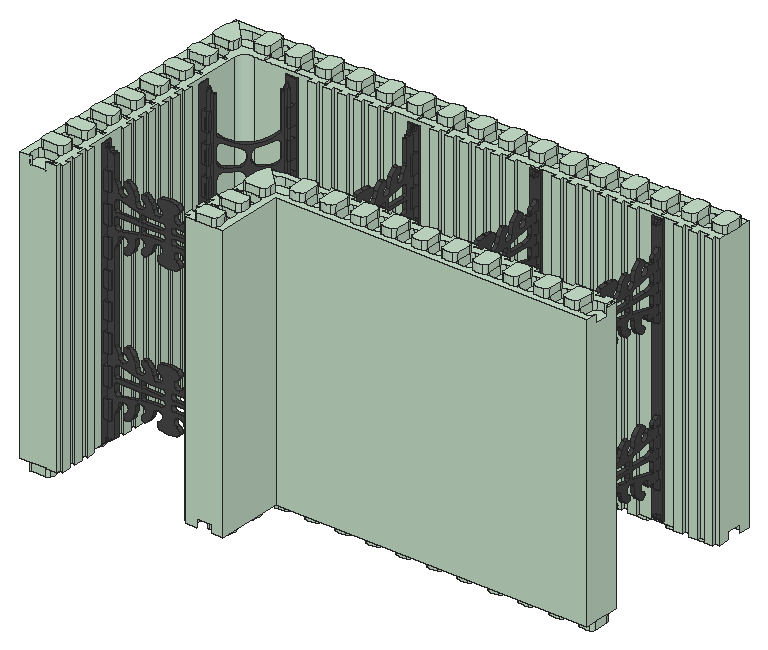
Revit family "ICF- NUDURA 8-inch- 90 Degree Form Unit- Imperial", category Generic Models, Revit 2011
Reference planes (in)
  plane 1 "Center (Front/Back)": y = 0
  plane 2: z = 0
  plane 3 "Center (Left/Right)": x = 0
  plane 4: y = -4
  plane 5: y = 4
  plane 6: x = 4
  plane 7: x = -4
  plane 8: x = 27
  plane 9: y = -11
  plane 10: z = 18
  plane 11: x = 6.625
  plane 12: x = -6.625
  plane 13: y = 6.625
Forms (in)
  Extrusion 1, solid, material "NUDURA Expanded Polystyrene Foam Insulation"
    sketch origin (0, 0, 0) x (1, 0, 0) y (0, 1, 0)
      loop
        line (-6.625, 6.625) -> (-6.625, -11) -> (-4.25, -11) -> (-4.25, -10.71883) -> (-4, -10.78117) -> (-4, -10.21883) -> (-4.25, -10.28117) -> (-4.25, -9.71883) -> (-4, -9.78117) -> (-4, -9.21883) -> (-4.25, -9.28117) -> (-4.25, -8.71883) -> (-4, -8.78117) -> (-4, -8.21883) -> (-4.25, -8.28117) -> (-4.25, -5.71883) -> (-4, -5.78117) -> (-4, -5.21883) -> (-4.25, -5.28117) -> (-4.25, -4.71883) -> (-4, -4.78117) -> (-4, -4.21883) -> (-4.25, -4.28117) -> (-4.25, -3.71883) -> (-4, -3.78117) -> (-4, -3.21883) -> (-4.25, -3.28117) -> (-4.25, -2.71883) -> (-4, -2.78117) -> (-4, -2.21883) -> (-4.25, -2.28117) -> (-4.25, -1.71883) -> (-4, -1.78117) -> (-4, -1.21883) -> (-4.25, -1.28117) -> (-4.25, -0.71883) -> (-4, -0.78117) -> (-4, -0.21883) -> (-4.25, -0.28117) -> (-4.25, 3.51944)
        arc (-4.25, 3.51944) -> (-4.02357, 4.03725) -> (-3.5, 4.25) r 0.75
        line (-3.5, 4.25) -> (0.28117, 4.25) -> (0.21883, 4) -> (0.78117, 4) -> (0.71883, 4.25) -> (1.28117, 4.25) -> (1.21883, 4) -> (1.78117, 4) -> (1.71883, 4.25) -> (2.28117, 4.25) -> (2.21883, 4) -> (2.78117, 4) -> (2.71883, 4.25) -> (3.28117, 4.25) -> (3.21883, 4) -> (3.78117, 4) -> (3.71883, 4.25) -> (4.28117, 4.25) -> (4.21883, 4) -> (4.78117, 4) -> (4.71883, 4.25) -> (5.28117, 4.25) -> (5.21883, 4) -> (5.78117, 4) -> (5.71883, 4.25) -> (8.28117, 4.25) -> (8.21883, 4) -> (8.78117, 4) -> (8.71883, 4.25) -> (9.28117, 4.25) -> (9.21883, 4) -> (9.78117, 4) -> (9.71883, 4.25) -> (10.28117, 4.25) -> (10.21883, 4) -> (10.78117, 4) -> (10.71883, 4.25) -> (11.28117, 4.25) -> (11.21883, 4) -> (11.78117, 4) -> (11.71883, 4.25) -> (12.28117, 4.25) -> (12.21883, 4) -> (12.78117, 4) -> (12.71883, 4.25) -> (13.28117, 4.25) -> (13.21883, 4) -> (13.78117, 4) -> (13.71883, 4.25) -> (16.28117, 4.25) -> (16.21883, 4) -> (16.78117, 4) -> (16.71883, 4.25) -> (17.28117, 4.25) -> (17.21883, 4) -> (17.78117, 4) -> (17.71883, 4.25) -> (18.28117, 4.25) -> (18.21883, 4) -> (18.78117, 4) -> (18.71883, 4.25) -> (19.28117, 4.25) -> (19.21883, 4) -> (19.78117, 4) -> (19.71883, 4.25) -> (20.28117, 4.25) -> (20.21883, 4) -> (20.78117, 4) -> (20.71883, 4.25) -> (21.28117, 4.25) -> (21.21883, 4) -> (21.78117, 4) -> (21.71883, 4.25) -> (24.28117, 4.25) -> (24.21883, 4) -> (24.78117, 4) -> (24.71883, 4.25) -> (25.28117, 4.25) -> (25.21883, 4) -> (25.78117, 4) -> (25.71883, 4.25) -> (26.28117, 4.25) -> (26.21883, 4) -> (26.78117, 4) -> (26.71883, 4.25) -> (27, 4.25) -> (27, 6.625) -> (-6.625, 6.625)
      loop
        line (6.625, -6.625) -> (27, -6.625) -> (27, -4.25) -> (26.71883, -4.25) -> (26.78117, -4) -> (26.21883, -4) -> (26.28117, -4.25) -> (25.71883, -4.25) -> (25.78117, -4) -> (25.21883, -4) -> (25.28117, -4.25) -> (24.71883, -4.25) -> (24.78117, -4) -> (24.21883, -4) -> (24.28117, -4.25) -> (21.71883, -4.25) -> (21.78117, -4) -> (21.21883, -4) -> (21.28117, -4.25) -> (20.71883, -4.25) -> (20.78117, -4) -> (20.21883, -4) -> (20.28117, -4.25) -> (19.71883, -4.25) -> (19.78117, -4) -> (19.21883, -4) -> (19.28117, -4.25) -> (18.71883, -4.25) -> (18.78117, -4) -> (18.21883, -4) -> (18.28117, -4.25) -> (17.71883, -4.25) -> (17.78117, -4) -> (17.21883, -4) -> (17.28117, -4.25) -> (16.71883, -4.25) -> (16.78117, -4) -> (16.21883, -4) -> (16.28117, -4.25) -> (13.71883, -4.25) -> (13.78117, -4) -> (13.21883, -4) -> (13.28117, -4.25) -> (12.71883, -4.25) -> (12.78117, -4) -> (12.21883, -4) -> (12.28117, -4.25) -> (11.71883, -4.25) -> (11.78117, -4) -> (11.21883, -4) -> (11.28117, -4.25) -> (10.71883, -4.25) -> (10.78117, -4) -> (10.21883, -4) -> (10.28117, -4.25) -> (9.71883, -4.25) -> (9.78117, -4) -> (9.21883, -4) -> (9.28117, -4.25) -> (8.71883, -4.25) -> (8.78117, -4) -> (8.21883, -4) -> (8.28117, -4.25) -> (5.5, -4.25)
        arc (5.5, -4.25) -> (4.61612, -4.61612) -> (4.25, -5.5) r 1.25
        line (4.25, -5.5) -> (4.25, -8.28117) -> (4, -8.21883) -> (4, -8.78117) -> (4.25, -8.71883) -> (4.25, -9.28117) -> (4, -9.21883) -> (4, -9.78117) -> (4.25, -9.71883) -> (4.25, -10.28117) -> (4, -10.21883) -> (4, -10.78117) -> (4.25, -10.71883) -> (4.25, -11) -> (6.625, -11) -> (6.625, -6.625)
    from 0 to 18
  Extrusion 2, solid, material "NUDURA Expanded Polystyrene Foam Insulation"
    sketch origin (1, -1, 0) x (1, 0, 0) y (0, 1, 0)
      loop
        arc (3.6875, -5.5) -> (3.70047, -5.66548) -> (3.73905, -5.82692) r 1.0625
        arc (3.73905, -5.82692) -> (3.82983, -5.95215) -> (3.97692, -6) r 0.25
        line (3.97692, -6) -> (4.89808, -6)
        arc (4.89808, -6) -> (5.04517, -5.95215) -> (5.13595, -5.82692) r 0.25
        arc (5.13595, -5.82692) -> (5.17453, -5.66548) -> (5.1875, -5.5) r 1.0625
        line (5.1875, -5.5) -> (5.1875, -5.1875) -> (3.98039, -3.98039)
        arc (3.98039, -3.98039) -> (3.76362, -4.30482) -> (3.6875, -4.6875) r 1
        line (3.6875, -4.6875) -> (3.6875, -5.5)
    from 18 to 18.5
  Extrusion 3, solid, material "NUDURA Expanded Polystyrene Foam Insulation"
    sketch origin (-1, 1, 0) x (1, 0, 0) y (0, 1, 0)
      loop
        arc (-3.97692, 3) -> (-3.82983, 3.04785) -> (-3.73905, 3.17308) r 0.25
        arc (-3.73905, 3.17308) -> (-3.70047, 3.33452) -> (-3.6875, 3.5) r 1.0625
        line (-3.6875, 3.5) -> (-3.6875, 3.6875) -> (-4.89461, 4.89461)
        arc (-4.89461, 4.89461) -> (-5.11138, 4.57018) -> (-5.1875, 4.1875) r 1
        line (-5.1875, 4.1875) -> (-5.1875, 3.5)
        arc (-5.1875, 3.5) -> (-5.17453, 3.33452) -> (-5.13595, 3.17308) r 1.0625
        arc (-5.13595, 3.17308) -> (-5.04517, 3.04785) -> (-4.89808, 3) r 0.25
        line (-4.89808, 3) -> (-3.97692, 3)
    from 18 to 18.5
  Extrusion 4, void
    sketch origin (-1, 1, 0) x (1, 0, 0) y (0, 1, 0)
      loop
        arc (-5.13595, -9.82692) -> (-5.04517, -9.95215) -> (-4.89808, -10) r 0.25
        line (-4.89808, -10) -> (-3.97692, -10)
        arc (-3.97692, -10) -> (-3.88568, -9.98276) -> (-3.80702, -9.9334) r 0.25
        arc (-3.80702, -9.9334) -> (-3.78736, -9.92106) -> (-3.76455, -9.91675) r 0.0625
        line (-3.76455, -9.91675) -> (-3.41845, -9.91675) -> (-3.41845, -9.74592) -> (-3.64005, -9.74592)
        arc (-3.64005, -9.74592) -> (-3.68771, -9.72385) -> (-3.70172, -9.67323) r 0.0625
        arc (-3.70172, -9.67323) -> (-3.69045, -9.42092) -> (-3.73905, -9.17308) r 1.0625
        arc (-3.73905, -9.17308) -> (-3.82983, -9.04785) -> (-3.97692, -9) r 0.25
        line (-3.97692, -9) -> (-4.89808, -9)
        arc (-4.89808, -9) -> (-5.04517, -9.04785) -> (-5.13595, -9.17308) r 0.25
        arc (-5.13595, -9.17308) -> (-5.1875, -9.5) -> (-5.13595, -9.82692) r 1.0625
    from 18 to 17.5
  Extrusion 5, void
    sketch origin (-1, 3, 0) x (1, 0, 0) y (0, 1, 0)
      loop
        arc (-5.13595, -9.82692) -> (-5.04517, -9.95215) -> (-4.89808, -10) r 0.25
        line (-4.89808, -10) -> (-3.97692, -10)
        arc (-3.97692, -10) -> (-3.88568, -9.98276) -> (-3.80702, -9.9334) r 0.25
        arc (-3.80702, -9.9334) -> (-3.78736, -9.92106) -> (-3.76455, -9.91675) r 0.0625
        line (-3.76455, -9.91675) -> (-3.41845, -9.91675) -> (-3.41845, -9.74592) -> (-3.64005, -9.74592)
        arc (-3.64005, -9.74592) -> (-3.68771, -9.72385) -> (-3.70172, -9.67323) r 0.0625
        arc (-3.70172, -9.67323) -> (-3.69045, -9.42092) -> (-3.73905, -9.17308) r 1.0625
        arc (-3.73905, -9.17308) -> (-3.82983, -9.04785) -> (-3.97692, -9) r 0.25
        line (-3.97692, -9) -> (-4.89808, -9)
        arc (-4.89808, -9) -> (-5.04517, -9.04785) -> (-5.13595, -9.17308) r 0.25
        arc (-5.13595, -9.17308) -> (-5.1875, -9.5) -> (-5.13595, -9.82692) r 1.0625
    from 18 to 17.5
  Extrusion 6, void
    sketch origin (-1, 5, 0) x (1, 0, 0) y (0, 1, 0)
      loop
        arc (-5.13595, -9.82692) -> (-5.04517, -9.95215) -> (-4.89808, -10) r 0.25
        line (-4.89808, -10) -> (-3.97692, -10)
        arc (-3.97692, -10) -> (-3.88568, -9.98276) -> (-3.80702, -9.9334) r 0.25
        arc (-3.80702, -9.9334) -> (-3.78736, -9.92106) -> (-3.76455, -9.91675) r 0.0625
        line (-3.76455, -9.91675) -> (-3.41845, -9.91675) -> (-3.41845, -9.74592) -> (-3.64005, -9.74592)
        arc (-3.64005, -9.74592) -> (-3.68771, -9.72385) -> (-3.70172, -9.67323) r 0.0625
        arc (-3.70172, -9.67323) -> (-3.69045, -9.42092) -> (-3.73905, -9.17308) r 1.0625
        arc (-3.73905, -9.17308) -> (-3.82983, -9.04785) -> (-3.97692, -9) r 0.25
        line (-3.97692, -9) -> (-4.89808, -9)
        arc (-4.89808, -9) -> (-5.04517, -9.04785) -> (-5.13595, -9.17308) r 0.25
        arc (-5.13595, -9.17308) -> (-5.1875, -9.5) -> (-5.13595, -9.82692) r 1.0625
    from 18 to 17.5
  Extrusion 7, void
    sketch origin (-1, 7, 0) x (1, 0, 0) y (0, 1, 0)
      loop
        arc (-5.13595, -9.82692) -> (-5.04517, -9.95215) -> (-4.89808, -10) r 0.25
        line (-4.89808, -10) -> (-3.97692, -10)
        arc (-3.97692, -10) -> (-3.88568, -9.98276) -> (-3.80702, -9.9334) r 0.25
        arc (-3.80702, -9.9334) -> (-3.78736, -9.92106) -> (-3.76455, -9.91675) r 0.0625
        line (-3.76455, -9.91675) -> (-3.41845, -9.91675) -> (-3.41845, -9.74592) -> (-3.64005, -9.74592)
        arc (-3.64005, -9.74592) -> (-3.68771, -9.72385) -> (-3.70172, -9.67323) r 0.0625
        arc (-3.70172, -9.67323) -> (-3.69045, -9.42092) -> (-3.73905, -9.17308) r 1.0625
        arc (-3.73905, -9.17308) -> (-3.82983, -9.04785) -> (-3.97692, -9) r 0.25
        line (-3.97692, -9) -> (-4.89808, -9)
        arc (-4.89808, -9) -> (-5.04517, -9.04785) -> (-5.13595, -9.17308) r 0.25
        arc (-5.13595, -9.17308) -> (-5.1875, -9.5) -> (-5.13595, -9.82692) r 1.0625
    from 18 to 17.5
  Extrusion 8, void
    sketch origin (-1, 9, 0) x (1, 0, 0) y (0, 1, 0)
      loop
        arc (-5.13595, -9.82692) -> (-5.04517, -9.95215) -> (-4.89808, -10) r 0.25
        line (-4.89808, -10) -> (-3.97692, -10)
        arc (-3.97692, -10) -> (-3.88568, -9.98276) -> (-3.80702, -9.9334) r 0.25
        arc (-3.80702, -9.9334) -> (-3.78736, -9.92106) -> (-3.76455, -9.91675) r 0.0625
        line (-3.76455, -9.91675) -> (-3.41845, -9.91675) -> (-3.41845, -9.74592) -> (-3.64005, -9.74592)
        arc (-3.64005, -9.74592) -> (-3.68771, -9.72385) -> (-3.70172, -9.67323) r 0.0625
        arc (-3.70172, -9.67323) -> (-3.69045, -9.42092) -> (-3.73905, -9.17308) r 1.0625
        arc (-3.73905, -9.17308) -> (-3.82983, -9.04785) -> (-3.97692, -9) r 0.25
        line (-3.97692, -9) -> (-4.89808, -9)
        arc (-4.89808, -9) -> (-5.04517, -9.04785) -> (-5.13595, -9.17308) r 0.25
        arc (-5.13595, -9.17308) -> (-5.1875, -9.5) -> (-5.13595, -9.82692) r 1.0625
    from 18 to 17.5
  Extrusion 9, void
    sketch origin (-1, 11, 0) x (1, 0, 0) y (0, 1, 0)
      loop
        arc (-5.13595, -9.82692) -> (-5.04517, -9.95215) -> (-4.89808, -10) r 0.25
        line (-4.89808, -10) -> (-3.97692, -10)
        arc (-3.97692, -10) -> (-3.88568, -9.98276) -> (-3.80702, -9.9334) r 0.25
        arc (-3.80702, -9.9334) -> (-3.78736, -9.92106) -> (-3.76455, -9.91675) r 0.0625
        line (-3.76455, -9.91675) -> (-3.41845, -9.91675) -> (-3.41845, -9.74592) -> (-3.64005, -9.74592)
        arc (-3.64005, -9.74592) -> (-3.68771, -9.72385) -> (-3.70172, -9.67323) r 0.0625
        arc (-3.70172, -9.67323) -> (-3.69045, -9.42092) -> (-3.73905, -9.17308) r 1.0625
        arc (-3.73905, -9.17308) -> (-3.82983, -9.04785) -> (-3.97692, -9) r 0.25
        line (-3.97692, -9) -> (-4.89808, -9)
        arc (-4.89808, -9) -> (-5.04517, -9.04785) -> (-5.13595, -9.17308) r 0.25
        arc (-5.13595, -9.17308) -> (-5.1875, -9.5) -> (-5.13595, -9.82692) r 1.0625
    from 18 to 17.5
  Extrusion 10, void
    sketch origin (-1, 13, 0) x (1, 0, 0) y (0, 1, 0)
      loop
        arc (-5.13595, -9.82692) -> (-5.04517, -9.95215) -> (-4.89808, -10) r 0.25
        line (-4.89808, -10) -> (-3.97692, -10)
        arc (-3.97692, -10) -> (-3.88568, -9.98276) -> (-3.80702, -9.9334) r 0.25
        arc (-3.80702, -9.9334) -> (-3.78736, -9.92106) -> (-3.76455, -9.91675) r 0.0625
        line (-3.76455, -9.91675) -> (-3.41845, -9.91675) -> (-3.41845, -9.74592) -> (-3.64005, -9.74592)
        arc (-3.64005, -9.74592) -> (-3.68771, -9.72385) -> (-3.70172, -9.67323) r 0.0625
        arc (-3.70172, -9.67323) -> (-3.69045, -9.42092) -> (-3.73905, -9.17308) r 1.0625
        arc (-3.73905, -9.17308) -> (-3.82983, -9.04785) -> (-3.97692, -9) r 0.25
        line (-3.97692, -9) -> (-4.89808, -9)
        arc (-4.89808, -9) -> (-5.04517, -9.04785) -> (-5.13595, -9.17308) r 0.25
        arc (-5.13595, -9.17308) -> (-5.1875, -9.5) -> (-5.13595, -9.82692) r 1.0625
    from 18 to 17.5
  Extrusion 11, void
    sketch origin (1, -1, 0) x (1, 0, 0) y (0, 1, 0)
      loop
        line (3.97692, -9) -> (4.89808, -9)
        arc (4.89808, -9) -> (5.04517, -8.95215) -> (5.13595, -8.82692) r 0.25
        arc (5.13595, -8.82692) -> (5.1875, -8.5) -> (5.13595, -8.17308) r 1.0625
        arc (5.13595, -8.17308) -> (5.04517, -8.04785) -> (4.89808, -8) r 0.25
        line (4.89808, -8) -> (3.97692, -8)
        arc (3.97692, -8) -> (3.88568, -8.01724) -> (3.80702, -8.0666) r 0.25
        arc (3.80702, -8.0666) -> (3.78736, -8.07894) -> (3.76455, -8.08325) r 0.0625
        line (3.76455, -8.08325) -> (3.41845, -8.08325) -> (3.41845, -8.25408) -> (3.64005, -8.25408)
        arc (3.64005, -8.25408) -> (3.68771, -8.27615) -> (3.70172, -8.32677) r 0.0625
        arc (3.70172, -8.32677) -> (3.69045, -8.57908) -> (3.73905, -8.82692) r 1.0625
        arc (3.73905, -8.82692) -> (3.82983, -8.95215) -> (3.97692, -9) r 0.25
    from 18 to 17.5
  Extrusion 12, void
    sketch origin (1, 1, 0) x (1, 0, 0) y (0, 1, 0)
      loop
        line (3.97692, -9) -> (4.89808, -9)
        arc (4.89808, -9) -> (5.04517, -8.95215) -> (5.13595, -8.82692) r 0.25
        arc (5.13595, -8.82692) -> (5.1875, -8.5) -> (5.13595, -8.17308) r 1.0625
        arc (5.13595, -8.17308) -> (5.04517, -8.04785) -> (4.89808, -8) r 0.25
        line (4.89808, -8) -> (3.97692, -8)
        arc (3.97692, -8) -> (3.88568, -8.01724) -> (3.80702, -8.0666) r 0.25
        arc (3.80702, -8.0666) -> (3.78736, -8.07894) -> (3.76455, -8.08325) r 0.0625
        line (3.76455, -8.08325) -> (3.41845, -8.08325) -> (3.41845, -8.25408) -> (3.64005, -8.25408)
        arc (3.64005, -8.25408) -> (3.68771, -8.27615) -> (3.70172, -8.32677) r 0.0625
        arc (3.70172, -8.32677) -> (3.69045, -8.57908) -> (3.73905, -8.82692) r 1.0625
        arc (3.73905, -8.82692) -> (3.82983, -8.95215) -> (3.97692, -9) r 0.25
    from 18 to 17.5
  Extrusion 13, void
    sketch origin (-1, 1, 0) x (1, 0, 0) y (0, 1, 0)
      loop
        arc (-4.1875, 5.1875) -> (-4.57018, 5.11138) -> (-4.89461, 4.89461) r 1
        line (-4.89461, 4.89461) -> (-3.6875, 3.6875) -> (-3.5, 3.6875)
        arc (-3.5, 3.6875) -> (-3.33452, 3.70047) -> (-3.17308, 3.73905) r 1.0625
        arc (-3.17308, 3.73905) -> (-3.04785, 3.82983) -> (-3, 3.97692) r 0.25
        line (-3, 3.97692) -> (-3, 4.89808)
        arc (-3, 4.89808) -> (-3.04785, 5.04517) -> (-3.17308, 5.13595) r 0.25
        arc (-3.17308, 5.13595) -> (-3.33452, 5.17453) -> (-3.5, 5.1875) r 1.0625
        line (-3.5, 5.1875) -> (-4.1875, 5.1875)
    from 18 to 17.5
  Extrusion 14, void
    sketch origin (1, -1, 0) x (1, 0, 0) y (0, 1, 0)
      loop
        arc (4.6875, -3.6875) -> (4.30482, -3.76362) -> (3.98039, -3.98039) r 1
        line (3.98039, -3.98039) -> (5.1875, -5.1875) -> (5.5, -5.1875)
        arc (5.5, -5.1875) -> (5.66548, -5.17453) -> (5.82692, -5.13595) r 1.0625
        arc (5.82692, -5.13595) -> (5.95215, -5.04517) -> (6, -4.89808) r 0.25
        line (6, -4.89808) -> (6, -3.97692)
        arc (6, -3.97692) -> (5.98276, -3.88568) -> (5.9334, -3.80702) r 0.25
        arc (5.9334, -3.80702) -> (5.92106, -3.78736) -> (5.91675, -3.76455) r 0.0625
        line (5.91675, -3.76455) -> (5.91675, -3.41845) -> (5.74592, -3.41845) -> (5.74592, -3.64005)
        arc (5.74592, -3.64005) -> (5.72385, -3.68771) -> (5.67323, -3.70172) r 0.0625
        arc (5.67323, -3.70172) -> (5.58691, -3.69106) -> (5.5, -3.6875) r 1.0625
        line (5.5, -3.6875) -> (4.6875, -3.6875)
    from 18 to 17.5
  Extrusion 15, void
    sketch origin (1, -1, 0) x (1, 0, 0) y (0, 1, 0)
      loop
        line (7, -3.97692) -> (7, -4.89808)
        arc (7, -4.89808) -> (7.04785, -5.04517) -> (7.17308, -5.13595) r 0.25
        arc (7.17308, -5.13595) -> (7.5, -5.1875) -> (7.82692, -5.13595) r 1.0625
        arc (7.82692, -5.13595) -> (7.95215, -5.04517) -> (8, -4.89808) r 0.25
        line (8, -4.89808) -> (8, -3.97692)
        arc (8, -3.97692) -> (7.98276, -3.88568) -> (7.9334, -3.80702) r 0.25
        arc (7.9334, -3.80702) -> (7.92106, -3.78736) -> (7.91675, -3.76455) r 0.0625
        line (7.91675, -3.76455) -> (7.91675, -3.41845) -> (7.74592, -3.41845) -> (7.74592, -3.64005)
        arc (7.74592, -3.64005) -> (7.72385, -3.68771) -> (7.67323, -3.70172) r 0.0625
        arc (7.67323, -3.70172) -> (7.42092, -3.69045) -> (7.17308, -3.73905) r 1.0625
        arc (7.17308, -3.73905) -> (7.04785, -3.82983) -> (7, -3.97692) r 0.25
    from 18 to 17.5
  Extrusion 16, void
    sketch origin (3, -1, 0) x (1, 0, 0) y (0, 1, 0)
      loop
        line (7, -3.97692) -> (7, -4.89808)
        arc (7, -4.89808) -> (7.04785, -5.04517) -> (7.17308, -5.13595) r 0.25
        arc (7.17308, -5.13595) -> (7.5, -5.1875) -> (7.82692, -5.13595) r 1.0625
        arc (7.82692, -5.13595) -> (7.95215, -5.04517) -> (8, -4.89808) r 0.25
        line (8, -4.89808) -> (8, -3.97692)
        arc (8, -3.97692) -> (7.98276, -3.88568) -> (7.9334, -3.80702) r 0.25
        arc (7.9334, -3.80702) -> (7.92106, -3.78736) -> (7.91675, -3.76455) r 0.0625
        line (7.91675, -3.76455) -> (7.91675, -3.41845) -> (7.74592, -3.41845) -> (7.74592, -3.64005)
        arc (7.74592, -3.64005) -> (7.72385, -3.68771) -> (7.67323, -3.70172) r 0.0625
        arc (7.67323, -3.70172) -> (7.42092, -3.69045) -> (7.17308, -3.73905) r 1.0625
        arc (7.17308, -3.73905) -> (7.04785, -3.82983) -> (7, -3.97692) r 0.25
    from 18 to 17.5
  Extrusion 17, void
    sketch origin (5, -1, 0) x (1, 0, 0) y (0, 1, 0)
      loop
        line (7, -3.97692) -> (7, -4.89808)
        arc (7, -4.89808) -> (7.04785, -5.04517) -> (7.17308, -5.13595) r 0.25
        arc (7.17308, -5.13595) -> (7.5, -5.1875) -> (7.82692, -5.13595) r 1.0625
        arc (7.82692, -5.13595) -> (7.95215, -5.04517) -> (8, -4.89808) r 0.25
        line (8, -4.89808) -> (8, -3.97692)
        arc (8, -3.97692) -> (7.98276, -3.88568) -> (7.9334, -3.80702) r 0.25
        arc (7.9334, -3.80702) -> (7.92106, -3.78736) -> (7.91675, -3.76455) r 0.0625
        line (7.91675, -3.76455) -> (7.91675, -3.41845) -> (7.74592, -3.41845) -> (7.74592, -3.64005)
        arc (7.74592, -3.64005) -> (7.72385, -3.68771) -> (7.67323, -3.70172) r 0.0625
        arc (7.67323, -3.70172) -> (7.42092, -3.69045) -> (7.17308, -3.73905) r 1.0625
        arc (7.17308, -3.73905) -> (7.04785, -3.82983) -> (7, -3.97692) r 0.25
    from 18 to 17.5
  Extrusion 18, void
    sketch origin (7, -1, 0) x (1, 0, 0) y (0, 1, 0)
      loop
        line (7, -3.97692) -> (7, -4.89808)
        arc (7, -4.89808) -> (7.04785, -5.04517) -> (7.17308, -5.13595) r 0.25
        arc (7.17308, -5.13595) -> (7.5, -5.1875) -> (7.82692, -5.13595) r 1.0625
        arc (7.82692, -5.13595) -> (7.95215, -5.04517) -> (8, -4.89808) r 0.25
        line (8, -4.89808) -> (8, -3.97692)
        arc (8, -3.97692) -> (7.98276, -3.88568) -> (7.9334, -3.80702) r 0.25
        arc (7.9334, -3.80702) -> (7.92106, -3.78736) -> (7.91675, -3.76455) r 0.0625
        line (7.91675, -3.76455) -> (7.91675, -3.41845) -> (7.74592, -3.41845) -> (7.74592, -3.64005)
        arc (7.74592, -3.64005) -> (7.72385, -3.68771) -> (7.67323, -3.70172) r 0.0625
        arc (7.67323, -3.70172) -> (7.42092, -3.69045) -> (7.17308, -3.73905) r 1.0625
        arc (7.17308, -3.73905) -> (7.04785, -3.82983) -> (7, -3.97692) r 0.25
    from 18 to 17.5
  Extrusion 19, void
    sketch origin (9, -1, 0) x (1, 0, 0) y (0, 1, 0)
      loop
        line (7, -3.97692) -> (7, -4.89808)
        arc (7, -4.89808) -> (7.04785, -5.04517) -> (7.17308, -5.13595) r 0.25
        arc (7.17308, -5.13595) -> (7.5, -5.1875) -> (7.82692, -5.13595) r 1.0625
        arc (7.82692, -5.13595) -> (7.95215, -5.04517) -> (8, -4.89808) r 0.25
        line (8, -4.89808) -> (8, -3.97692)
        arc (8, -3.97692) -> (7.98276, -3.88568) -> (7.9334, -3.80702) r 0.25
        arc (7.9334, -3.80702) -> (7.92106, -3.78736) -> (7.91675, -3.76455) r 0.0625
        line (7.91675, -3.76455) -> (7.91675, -3.41845) -> (7.74592, -3.41845) -> (7.74592, -3.64005)
        arc (7.74592, -3.64005) -> (7.72385, -3.68771) -> (7.67323, -3.70172) r 0.0625
        arc (7.67323, -3.70172) -> (7.42092, -3.69045) -> (7.17308, -3.73905) r 1.0625
        arc (7.17308, -3.73905) -> (7.04785, -3.82983) -> (7, -3.97692) r 0.25
    from 18 to 17.5
  Extrusion 20, void
    sketch origin (11, -1, 0) x (1, 0, 0) y (0, 1, 0)
      loop
        line (7, -3.97692) -> (7, -4.89808)
        arc (7, -4.89808) -> (7.04785, -5.04517) -> (7.17308, -5.13595) r 0.25
        arc (7.17308, -5.13595) -> (7.5, -5.1875) -> (7.82692, -5.13595) r 1.0625
        arc (7.82692, -5.13595) -> (7.95215, -5.04517) -> (8, -4.89808) r 0.25
        line (8, -4.89808) -> (8, -3.97692)
        arc (8, -3.97692) -> (7.98276, -3.88568) -> (7.9334, -3.80702) r 0.25
        arc (7.9334, -3.80702) -> (7.92106, -3.78736) -> (7.91675, -3.76455) r 0.0625
        line (7.91675, -3.76455) -> (7.91675, -3.41845) -> (7.74592, -3.41845) -> (7.74592, -3.64005)
        arc (7.74592, -3.64005) -> (7.72385, -3.68771) -> (7.67323, -3.70172) r 0.0625
        arc (7.67323, -3.70172) -> (7.42092, -3.69045) -> (7.17308, -3.73905) r 1.0625
        arc (7.17308, -3.73905) -> (7.04785, -3.82983) -> (7, -3.97692) r 0.25
    from 18 to 17.5
  Extrusion 21, void
    sketch origin (13, -1, 0) x (1, 0, 0) y (0, 1, 0)
      loop
        line (7, -3.97692) -> (7, -4.89808)
        arc (7, -4.89808) -> (7.04785, -5.04517) -> (7.17308, -5.13595) r 0.25
        arc (7.17308, -5.13595) -> (7.5, -5.1875) -> (7.82692, -5.13595) r 1.0625
        arc (7.82692, -5.13595) -> (7.95215, -5.04517) -> (8, -4.89808) r 0.25
        line (8, -4.89808) -> (8, -3.97692)
        arc (8, -3.97692) -> (7.98276, -3.88568) -> (7.9334, -3.80702) r 0.25
        arc (7.9334, -3.80702) -> (7.92106, -3.78736) -> (7.91675, -3.76455) r 0.0625
        line (7.91675, -3.76455) -> (7.91675, -3.41845) -> (7.74592, -3.41845) -> (7.74592, -3.64005)
        arc (7.74592, -3.64005) -> (7.72385, -3.68771) -> (7.67323, -3.70172) r 0.0625
        arc (7.67323, -3.70172) -> (7.42092, -3.69045) -> (7.17308, -3.73905) r 1.0625
        arc (7.17308, -3.73905) -> (7.04785, -3.82983) -> (7, -3.97692) r 0.25
    from 18 to 17.5
  Extrusion 22, void
    sketch origin (15, -1, 0) x (1, 0, 0) y (0, 1, 0)
      loop
        line (7, -3.97692) -> (7, -4.89808)
        arc (7, -4.89808) -> (7.04785, -5.04517) -> (7.17308, -5.13595) r 0.25
        arc (7.17308, -5.13595) -> (7.5, -5.1875) -> (7.82692, -5.13595) r 1.0625
        arc (7.82692, -5.13595) -> (7.95215, -5.04517) -> (8, -4.89808) r 0.25
        line (8, -4.89808) -> (8, -3.97692)
        arc (8, -3.97692) -> (7.98276, -3.88568) -> (7.9334, -3.80702) r 0.25
        arc (7.9334, -3.80702) -> (7.92106, -3.78736) -> (7.91675, -3.76455) r 0.0625
        line (7.91675, -3.76455) -> (7.91675, -3.41845) -> (7.74592, -3.41845) -> (7.74592, -3.64005)
        arc (7.74592, -3.64005) -> (7.72385, -3.68771) -> (7.67323, -3.70172) r 0.0625
        arc (7.67323, -3.70172) -> (7.42092, -3.69045) -> (7.17308, -3.73905) r 1.0625
        arc (7.17308, -3.73905) -> (7.04785, -3.82983) -> (7, -3.97692) r 0.25
    from 18 to 17.5
  Extrusion 23, void
    sketch origin (17, -1, 0) x (1, 0, 0) y (0, 1, 0)
      loop
        line (7, -3.97692) -> (7, -4.89808)
        arc (7, -4.89808) -> (7.04785, -5.04517) -> (7.17308, -5.13595) r 0.25
        arc (7.17308, -5.13595) -> (7.5, -5.1875) -> (7.82692, -5.13595) r 1.0625
        arc (7.82692, -5.13595) -> (7.95215, -5.04517) -> (8, -4.89808) r 0.25
        line (8, -4.89808) -> (8, -3.97692)
        arc (8, -3.97692) -> (7.98276, -3.88568) -> (7.9334, -3.80702) r 0.25
        arc (7.9334, -3.80702) -> (7.92106, -3.78736) -> (7.91675, -3.76455) r 0.0625
        line (7.91675, -3.76455) -> (7.91675, -3.41845) -> (7.74592, -3.41845) -> (7.74592, -3.64005)
        arc (7.74592, -3.64005) -> (7.72385, -3.68771) -> (7.67323, -3.70172) r 0.0625
        arc (7.67323, -3.70172) -> (7.42092, -3.69045) -> (7.17308, -3.73905) r 1.0625
        arc (7.17308, -3.73905) -> (7.04785, -3.82983) -> (7, -3.97692) r 0.25
    from 18 to 17.5
  Extrusion 24, void
    sketch origin (19, -1, 0) x (1, 0, 0) y (0, 1, 0)
      loop
        line (7, -3.97692) -> (7, -4.89808)
        arc (7, -4.89808) -> (7.04785, -5.04517) -> (7.17308, -5.13595) r 0.25
        arc (7.17308, -5.13595) -> (7.5, -5.1875) -> (7.82692, -5.13595) r 1.0625
        arc (7.82692, -5.13595) -> (7.95215, -5.04517) -> (8, -4.89808) r 0.25
        line (8, -4.89808) -> (8, -3.97692)
        arc (8, -3.97692) -> (7.98276, -3.88568) -> (7.9334, -3.80702) r 0.25
        arc (7.9334, -3.80702) -> (7.92106, -3.78736) -> (7.91675, -3.76455) r 0.0625
        line (7.91675, -3.76455) -> (7.91675, -3.41845) -> (7.74592, -3.41845) -> (7.74592, -3.64005)
        arc (7.74592, -3.64005) -> (7.72385, -3.68771) -> (7.67323, -3.70172) r 0.0625
        arc (7.67323, -3.70172) -> (7.42092, -3.69045) -> (7.17308, -3.73905) r 1.0625
        arc (7.17308, -3.73905) -> (7.04785, -3.82983) -> (7, -3.97692) r 0.25
    from 18 to 17.5
  Extrusion 25, void
    sketch origin (-1, 1, 0) x (1, 0, 0) y (0, 1, 0)
      loop
        arc (-1.82692, 5.13595) -> (-1.95215, 5.04517) -> (-2, 4.89808) r 0.25
        line (-2, 4.89808) -> (-2, 3.97692)
        arc (-2, 3.97692) -> (-1.98276, 3.88568) -> (-1.9334, 3.80702) r 0.25
        arc (-1.9334, 3.80702) -> (-1.92106, 3.78736) -> (-1.91675, 3.76455) r 0.0625
        line (-1.91675, 3.76455) -> (-1.91675, 3.41845) -> (-1.74592, 3.41845) -> (-1.74592, 3.64005)
        arc (-1.74592, 3.64005) -> (-1.72385, 3.68771) -> (-1.67323, 3.70172) r 0.0625
        arc (-1.67323, 3.70172) -> (-1.42092, 3.69045) -> (-1.17308, 3.73905) r 1.0625
        arc (-1.17308, 3.73905) -> (-1.04785, 3.82983) -> (-1, 3.97692) r 0.25
        line (-1, 3.97692) -> (-1, 4.89808)
        arc (-1, 4.89808) -> (-1.04785, 5.04517) -> (-1.17308, 5.13595) r 0.25
        arc (-1.17308, 5.13595) -> (-1.5, 5.1875) -> (-1.82692, 5.13595) r 1.0625
    from 18 to 17.5
  Extrusion 26, void
    sketch origin (1, 1, 0) x (1, 0, 0) y (0, 1, 0)
      loop
        arc (-1.82692, 5.13595) -> (-1.95215, 5.04517) -> (-2, 4.89808) r 0.25
        line (-2, 4.89808) -> (-2, 3.97692)
        arc (-2, 3.97692) -> (-1.98276, 3.88568) -> (-1.9334, 3.80702) r 0.25
        arc (-1.9334, 3.80702) -> (-1.92106, 3.78736) -> (-1.91675, 3.76455) r 0.0625
        line (-1.91675, 3.76455) -> (-1.91675, 3.41845) -> (-1.74592, 3.41845) -> (-1.74592, 3.64005)
        arc (-1.74592, 3.64005) -> (-1.72385, 3.68771) -> (-1.67323, 3.70172) r 0.0625
        arc (-1.67323, 3.70172) -> (-1.42092, 3.69045) -> (-1.17308, 3.73905) r 1.0625
        arc (-1.17308, 3.73905) -> (-1.04785, 3.82983) -> (-1, 3.97692) r 0.25
        line (-1, 3.97692) -> (-1, 4.89808)
        arc (-1, 4.89808) -> (-1.04785, 5.04517) -> (-1.17308, 5.13595) r 0.25
        arc (-1.17308, 5.13595) -> (-1.5, 5.1875) -> (-1.82692, 5.13595) r 1.0625
    from 18 to 17.5
  Extrusion 27, void
    sketch origin (3, 1, 0) x (1, 0, 0) y (0, 1, 0)
      loop
        arc (-1.82692, 5.13595) -> (-1.95215, 5.04517) -> (-2, 4.89808) r 0.25
        line (-2, 4.89808) -> (-2, 3.97692)
        arc (-2, 3.97692) -> (-1.98276, 3.88568) -> (-1.9334, 3.80702) r 0.25
        arc (-1.9334, 3.80702) -> (-1.92106, 3.78736) -> (-1.91675, 3.76455) r 0.0625
        line (-1.91675, 3.76455) -> (-1.91675, 3.41845) -> (-1.74592, 3.41845) -> (-1.74592, 3.64005)
        arc (-1.74592, 3.64005) -> (-1.72385, 3.68771) -> (-1.67323, 3.70172) r 0.0625
        arc (-1.67323, 3.70172) -> (-1.42092, 3.69045) -> (-1.17308, 3.73905) r 1.0625
        arc (-1.17308, 3.73905) -> (-1.04785, 3.82983) -> (-1, 3.97692) r 0.25
        line (-1, 3.97692) -> (-1, 4.89808)
        arc (-1, 4.89808) -> (-1.04785, 5.04517) -> (-1.17308, 5.13595) r 0.25
        arc (-1.17308, 5.13595) -> (-1.5, 5.1875) -> (-1.82692, 5.13595) r 1.0625
    from 18 to 17.5
  Extrusion 28, void
    sketch origin (5, 1, 0) x (1, 0, 0) y (0, 1, 0)
      loop
        arc (-1.82692, 5.13595) -> (-1.95215, 5.04517) -> (-2, 4.89808) r 0.25
        line (-2, 4.89808) -> (-2, 3.97692)
        arc (-2, 3.97692) -> (-1.98276, 3.88568) -> (-1.9334, 3.80702) r 0.25
        arc (-1.9334, 3.80702) -> (-1.92106, 3.78736) -> (-1.91675, 3.76455) r 0.0625
        line (-1.91675, 3.76455) -> (-1.91675, 3.41845) -> (-1.74592, 3.41845) -> (-1.74592, 3.64005)
        arc (-1.74592, 3.64005) -> (-1.72385, 3.68771) -> (-1.67323, 3.70172) r 0.0625
        arc (-1.67323, 3.70172) -> (-1.42092, 3.69045) -> (-1.17308, 3.73905) r 1.0625
        arc (-1.17308, 3.73905) -> (-1.04785, 3.82983) -> (-1, 3.97692) r 0.25
        line (-1, 3.97692) -> (-1, 4.89808)
        arc (-1, 4.89808) -> (-1.04785, 5.04517) -> (-1.17308, 5.13595) r 0.25
        arc (-1.17308, 5.13595) -> (-1.5, 5.1875) -> (-1.82692, 5.13595) r 1.0625
    from 18 to 17.5
  Extrusion 29, void
    sketch origin (7, 1, 0) x (1, 0, 0) y (0, 1, 0)
      loop
        arc (-1.82692, 5.13595) -> (-1.95215, 5.04517) -> (-2, 4.89808) r 0.25
        line (-2, 4.89808) -> (-2, 3.97692)
        arc (-2, 3.97692) -> (-1.98276, 3.88568) -> (-1.9334, 3.80702) r 0.25
        arc (-1.9334, 3.80702) -> (-1.92106, 3.78736) -> (-1.91675, 3.76455) r 0.0625
        line (-1.91675, 3.76455) -> (-1.91675, 3.41845) -> (-1.74592, 3.41845) -> (-1.74592, 3.64005)
        arc (-1.74592, 3.64005) -> (-1.72385, 3.68771) -> (-1.67323, 3.70172) r 0.0625
        arc (-1.67323, 3.70172) -> (-1.42092, 3.69045) -> (-1.17308, 3.73905) r 1.0625
        arc (-1.17308, 3.73905) -> (-1.04785, 3.82983) -> (-1, 3.97692) r 0.25
        line (-1, 3.97692) -> (-1, 4.89808)
        arc (-1, 4.89808) -> (-1.04785, 5.04517) -> (-1.17308, 5.13595) r 0.25
        arc (-1.17308, 5.13595) -> (-1.5, 5.1875) -> (-1.82692, 5.13595) r 1.0625
    from 18 to 17.5
  Extrusion 30, void
    sketch origin (9, 1, 0) x (1, 0, 0) y (0, 1, 0)
      loop
        arc (-1.82692, 5.13595) -> (-1.95215, 5.04517) -> (-2, 4.89808) r 0.25
        line (-2, 4.89808) -> (-2, 3.97692)
        arc (-2, 3.97692) -> (-1.98276, 3.88568) -> (-1.9334, 3.80702) r 0.25
        arc (-1.9334, 3.80702) -> (-1.92106, 3.78736) -> (-1.91675, 3.76455) r 0.0625
        line (-1.91675, 3.76455) -> (-1.91675, 3.41845) -> (-1.74592, 3.41845) -> (-1.74592, 3.64005)
        arc (-1.74592, 3.64005) -> (-1.72385, 3.68771) -> (-1.67323, 3.70172) r 0.0625
        arc (-1.67323, 3.70172) -> (-1.42092, 3.69045) -> (-1.17308, 3.73905) r 1.0625
        arc (-1.17308, 3.73905) -> (-1.04785, 3.82983) -> (-1, 3.97692) r 0.25
        line (-1, 3.97692) -> (-1, 4.89808)
        arc (-1, 4.89808) -> (-1.04785, 5.04517) -> (-1.17308, 5.13595) r 0.25
        arc (-1.17308, 5.13595) -> (-1.5, 5.1875) -> (-1.82692, 5.13595) r 1.0625
    from 18 to 17.5
  Extrusion 31, void
    sketch origin (11, 1, 0) x (1, 0, 0) y (0, 1, 0)
      loop
        arc (-1.82692, 5.13595) -> (-1.95215, 5.04517) -> (-2, 4.89808) r 0.25
        line (-2, 4.89808) -> (-2, 3.97692)
        arc (-2, 3.97692) -> (-1.98276, 3.88568) -> (-1.9334, 3.80702) r 0.25
        arc (-1.9334, 3.80702) -> (-1.92106, 3.78736) -> (-1.91675, 3.76455) r 0.0625
        line (-1.91675, 3.76455) -> (-1.91675, 3.41845) -> (-1.74592, 3.41845) -> (-1.74592, 3.64005)
        arc (-1.74592, 3.64005) -> (-1.72385, 3.68771) -> (-1.67323, 3.70172) r 0.0625
        arc (-1.67323, 3.70172) -> (-1.42092, 3.69045) -> (-1.17308, 3.73905) r 1.0625
        arc (-1.17308, 3.73905) -> (-1.04785, 3.82983) -> (-1, 3.97692) r 0.25
        line (-1, 3.97692) -> (-1, 4.89808)
        arc (-1, 4.89808) -> (-1.04785, 5.04517) -> (-1.17308, 5.13595) r 0.25
        arc (-1.17308, 5.13595) -> (-1.5, 5.1875) -> (-1.82692, 5.13595) r 1.0625
    from 18 to 17.5
  Extrusion 32, void
    sketch origin (13, 1, 0) x (1, 0, 0) y (0, 1, 0)
      loop
        arc (-1.82692, 5.13595) -> (-1.95215, 5.04517) -> (-2, 4.89808) r 0.25
        line (-2, 4.89808) -> (-2, 3.97692)
        arc (-2, 3.97692) -> (-1.98276, 3.88568) -> (-1.9334, 3.80702) r 0.25
        arc (-1.9334, 3.80702) -> (-1.92106, 3.78736) -> (-1.91675, 3.76455) r 0.0625
        line (-1.91675, 3.76455) -> (-1.91675, 3.41845) -> (-1.74592, 3.41845) -> (-1.74592, 3.64005)
        arc (-1.74592, 3.64005) -> (-1.72385, 3.68771) -> (-1.67323, 3.70172) r 0.0625
        arc (-1.67323, 3.70172) -> (-1.42092, 3.69045) -> (-1.17308, 3.73905) r 1.0625
        arc (-1.17308, 3.73905) -> (-1.04785, 3.82983) -> (-1, 3.97692) r 0.25
        line (-1, 3.97692) -> (-1, 4.89808)
        arc (-1, 4.89808) -> (-1.04785, 5.04517) -> (-1.17308, 5.13595) r 0.25
        arc (-1.17308, 5.13595) -> (-1.5, 5.1875) -> (-1.82692, 5.13595) r 1.0625
    from 18 to 17.5
  Extrusion 33, void
    sketch origin (15, 1, 0) x (1, 0, 0) y (0, 1, 0)
      loop
        arc (-1.82692, 5.13595) -> (-1.95215, 5.04517) -> (-2, 4.89808) r 0.25
        line (-2, 4.89808) -> (-2, 3.97692)
        arc (-2, 3.97692) -> (-1.98276, 3.88568) -> (-1.9334, 3.80702) r 0.25
        arc (-1.9334, 3.80702) -> (-1.92106, 3.78736) -> (-1.91675, 3.76455) r 0.0625
        line (-1.91675, 3.76455) -> (-1.91675, 3.41845) -> (-1.74592, 3.41845) -> (-1.74592, 3.64005)
        arc (-1.74592, 3.64005) -> (-1.72385, 3.68771) -> (-1.67323, 3.70172) r 0.0625
        arc (-1.67323, 3.70172) -> (-1.42092, 3.69045) -> (-1.17308, 3.73905) r 1.0625
        arc (-1.17308, 3.73905) -> (-1.04785, 3.82983) -> (-1, 3.97692) r 0.25
        line (-1, 3.97692) -> (-1, 4.89808)
        arc (-1, 4.89808) -> (-1.04785, 5.04517) -> (-1.17308, 5.13595) r 0.25
        arc (-1.17308, 5.13595) -> (-1.5, 5.1875) -> (-1.82692, 5.13595) r 1.0625
    from 18 to 17.5
  Extrusion 34, void
    sketch origin (17, 1, 0) x (1, 0, 0) y (0, 1, 0)
      loop
        arc (-1.82692, 5.13595) -> (-1.95215, 5.04517) -> (-2, 4.89808) r 0.25
        line (-2, 4.89808) -> (-2, 3.97692)
        arc (-2, 3.97692) -> (-1.98276, 3.88568) -> (-1.9334, 3.80702) r 0.25
        arc (-1.9334, 3.80702) -> (-1.92106, 3.78736) -> (-1.91675, 3.76455) r 0.0625
        line (-1.91675, 3.76455) -> (-1.91675, 3.41845) -> (-1.74592, 3.41845) -> (-1.74592, 3.64005)
        arc (-1.74592, 3.64005) -> (-1.72385, 3.68771) -> (-1.67323, 3.70172) r 0.0625
        arc (-1.67323, 3.70172) -> (-1.42092, 3.69045) -> (-1.17308, 3.73905) r 1.0625
        arc (-1.17308, 3.73905) -> (-1.04785, 3.82983) -> (-1, 3.97692) r 0.25
        line (-1, 3.97692) -> (-1, 4.89808)
        arc (-1, 4.89808) -> (-1.04785, 5.04517) -> (-1.17308, 5.13595) r 0.25
        arc (-1.17308, 5.13595) -> (-1.5, 5.1875) -> (-1.82692, 5.13595) r 1.0625
    from 18 to 17.5
  Extrusion 35, void
    sketch origin (19, 1, 0) x (1, 0, 0) y (0, 1, 0)
      loop
        arc (-1.82692, 5.13595) -> (-1.95215, 5.04517) -> (-2, 4.89808) r 0.25
        line (-2, 4.89808) -> (-2, 3.97692)
        arc (-2, 3.97692) -> (-1.98276, 3.88568) -> (-1.9334, 3.80702) r 0.25
        arc (-1.9334, 3.80702) -> (-1.92106, 3.78736) -> (-1.91675, 3.76455) r 0.0625
        line (-1.91675, 3.76455) -> (-1.91675, 3.41845) -> (-1.74592, 3.41845) -> (-1.74592, 3.64005)
        arc (-1.74592, 3.64005) -> (-1.72385, 3.68771) -> (-1.67323, 3.70172) r 0.0625
        arc (-1.67323, 3.70172) -> (-1.42092, 3.69045) -> (-1.17308, 3.73905) r 1.0625
        arc (-1.17308, 3.73905) -> (-1.04785, 3.82983) -> (-1, 3.97692) r 0.25
        line (-1, 3.97692) -> (-1, 4.89808)
        arc (-1, 4.89808) -> (-1.04785, 5.04517) -> (-1.17308, 5.13595) r 0.25
        arc (-1.17308, 5.13595) -> (-1.5, 5.1875) -> (-1.82692, 5.13595) r 1.0625
    from 18 to 17.5
  Extrusion 36, void
    sketch origin (21, 1, 0) x (1, 0, 0) y (0, 1, 0)
      loop
        arc (-1.82692, 5.13595) -> (-1.95215, 5.04517) -> (-2, 4.89808) r 0.25
        line (-2, 4.89808) -> (-2, 3.97692)
        arc (-2, 3.97692) -> (-1.98276, 3.88568) -> (-1.9334, 3.80702) r 0.25
        arc (-1.9334, 3.80702) -> (-1.92106, 3.78736) -> (-1.91675, 3.76455) r 0.0625
        line (-1.91675, 3.76455) -> (-1.91675, 3.41845) -> (-1.74592, 3.41845) -> (-1.74592, 3.64005)
        arc (-1.74592, 3.64005) -> (-1.72385, 3.68771) -> (-1.67323, 3.70172) r 0.0625
        arc (-1.67323, 3.70172) -> (-1.42092, 3.69045) -> (-1.17308, 3.73905) r 1.0625
        arc (-1.17308, 3.73905) -> (-1.04785, 3.82983) -> (-1, 3.97692) r 0.25
        line (-1, 3.97692) -> (-1, 4.89808)
        arc (-1, 4.89808) -> (-1.04785, 5.04517) -> (-1.17308, 5.13595) r 0.25
        arc (-1.17308, 5.13595) -> (-1.5, 5.1875) -> (-1.82692, 5.13595) r 1.0625
    from 18 to 17.5
  Extrusion 37, void
    sketch origin (23, 1, 0) x (1, 0, 0) y (0, 1, 0)
      loop
        arc (-1.82692, 5.13595) -> (-1.95215, 5.04517) -> (-2, 4.89808) r 0.25
        line (-2, 4.89808) -> (-2, 3.97692)
        arc (-2, 3.97692) -> (-1.98276, 3.88568) -> (-1.9334, 3.80702) r 0.25
        arc (-1.9334, 3.80702) -> (-1.92106, 3.78736) -> (-1.91675, 3.76455) r 0.0625
        line (-1.91675, 3.76455) -> (-1.91675, 3.41845) -> (-1.74592, 3.41845) -> (-1.74592, 3.64005)
        arc (-1.74592, 3.64005) -> (-1.72385, 3.68771) -> (-1.67323, 3.70172) r 0.0625
        arc (-1.67323, 3.70172) -> (-1.42092, 3.69045) -> (-1.17308, 3.73905) r 1.0625
        arc (-1.17308, 3.73905) -> (-1.04785, 3.82983) -> (-1, 3.97692) r 0.25
        line (-1, 3.97692) -> (-1, 4.89808)
        arc (-1, 4.89808) -> (-1.04785, 5.04517) -> (-1.17308, 5.13595) r 0.25
        arc (-1.17308, 5.13595) -> (-1.5, 5.1875) -> (-1.82692, 5.13595) r 1.0625
    from 18 to 17.5
  Extrusion 38, void
    sketch origin (25, 1, 0) x (1, 0, 0) y (0, 1, 0)
      loop
        arc (-1.82692, 5.13595) -> (-1.95215, 5.04517) -> (-2, 4.89808) r 0.25
        line (-2, 4.89808) -> (-2, 3.97692)
        arc (-2, 3.97692) -> (-1.98276, 3.88568) -> (-1.9334, 3.80702) r 0.25
        arc (-1.9334, 3.80702) -> (-1.92106, 3.78736) -> (-1.91675, 3.76455) r 0.0625
        line (-1.91675, 3.76455) -> (-1.91675, 3.41845) -> (-1.74592, 3.41845) -> (-1.74592, 3.64005)
        arc (-1.74592, 3.64005) -> (-1.72385, 3.68771) -> (-1.67323, 3.70172) r 0.0625
        arc (-1.67323, 3.70172) -> (-1.42092, 3.69045) -> (-1.17308, 3.73905) r 1.0625
        arc (-1.17308, 3.73905) -> (-1.04785, 3.82983) -> (-1, 3.97692) r 0.25
        line (-1, 3.97692) -> (-1, 4.89808)
        arc (-1, 4.89808) -> (-1.04785, 5.04517) -> (-1.17308, 5.13595) r 0.25
        arc (-1.17308, 5.13595) -> (-1.5, 5.1875) -> (-1.82692, 5.13595) r 1.0625
    from 18 to 17.5
  Extrusion 39, void
    sketch origin (-1, 4.40791, 0) x (1, 0, 0) y (0, 1, 0)
      loop
        arc (-5.13595, -11.58099) -> (-5.1875, -11.90791) -> (-5.13595, -12.23483) r 1.0625
        arc (-5.13595, -12.23483) -> (-5.04517, -12.36006) -> (-4.89808, -12.40791) r 0.25
        line (-4.89808, -12.40791) -> (-3.97692, -12.40791)
        arc (-3.97692, -12.40791) -> (-3.82983, -12.36006) -> (-3.73905, -12.23483) r 0.25
        arc (-3.73905, -12.23483) -> (-3.69045, -11.98699) -> (-3.70172, -11.73468) r 1.0625
        arc (-3.70172, -11.73468) -> (-3.68771, -11.68406) -> (-3.64005, -11.66199) r 0.0625
        line (-3.64005, -11.66199) -> (-3.41845, -11.66199) -> (-3.41845, -11.49116) -> (-3.76455, -11.49116)
        arc (-3.76455, -11.49116) -> (-3.78736, -11.48685) -> (-3.80702, -11.47451) r 0.0625
        arc (-3.80702, -11.47451) -> (-3.88568, -11.42516) -> (-3.97692, -11.40791) r 0.25
        line (-3.97692, -11.40791) -> (-4.89808, -11.40791)
        arc (-4.89808, -11.40791) -> (-5.04517, -11.45576) -> (-5.13595, -11.58099) r 0.25
    from 0 to 0.5
  Extrusion 40, void
    sketch origin (-1, 6.40791, 0) x (1, 0, 0) y (0, 1, 0)
      loop
        arc (-5.13595, -11.58099) -> (-5.1875, -11.90791) -> (-5.13595, -12.23483) r 1.0625
        arc (-5.13595, -12.23483) -> (-5.04517, -12.36006) -> (-4.89808, -12.40791) r 0.25
        line (-4.89808, -12.40791) -> (-3.97692, -12.40791)
        arc (-3.97692, -12.40791) -> (-3.82983, -12.36006) -> (-3.73905, -12.23483) r 0.25
        arc (-3.73905, -12.23483) -> (-3.69045, -11.98699) -> (-3.70172, -11.73468) r 1.0625
        arc (-3.70172, -11.73468) -> (-3.68771, -11.68406) -> (-3.64005, -11.66199) r 0.0625
        line (-3.64005, -11.66199) -> (-3.41845, -11.66199) -> (-3.41845, -11.49116) -> (-3.76455, -11.49116)
        arc (-3.76455, -11.49116) -> (-3.78736, -11.48685) -> (-3.80702, -11.47451) r 0.0625
        arc (-3.80702, -11.47451) -> (-3.88568, -11.42516) -> (-3.97692, -11.40791) r 0.25
        line (-3.97692, -11.40791) -> (-4.89808, -11.40791)
        arc (-4.89808, -11.40791) -> (-5.04517, -11.45576) -> (-5.13595, -11.58099) r 0.25
    from 0 to 0.5
  Extrusion 41, void
    sketch origin (-1, 8.40791, 0) x (1, 0, 0) y (0, 1, 0)
      loop
        arc (-5.13595, -11.58099) -> (-5.1875, -11.90791) -> (-5.13595, -12.23483) r 1.0625
        arc (-5.13595, -12.23483) -> (-5.04517, -12.36006) -> (-4.89808, -12.40791) r 0.25
        line (-4.89808, -12.40791) -> (-3.97692, -12.40791)
        arc (-3.97692, -12.40791) -> (-3.82983, -12.36006) -> (-3.73905, -12.23483) r 0.25
        arc (-3.73905, -12.23483) -> (-3.69045, -11.98699) -> (-3.70172, -11.73468) r 1.0625
        arc (-3.70172, -11.73468) -> (-3.68771, -11.68406) -> (-3.64005, -11.66199) r 0.0625
        line (-3.64005, -11.66199) -> (-3.41845, -11.66199) -> (-3.41845, -11.49116) -> (-3.76455, -11.49116)
        arc (-3.76455, -11.49116) -> (-3.78736, -11.48685) -> (-3.80702, -11.47451) r 0.0625
        arc (-3.80702, -11.47451) -> (-3.88568, -11.42516) -> (-3.97692, -11.40791) r 0.25
        line (-3.97692, -11.40791) -> (-4.89808, -11.40791)
        arc (-4.89808, -11.40791) -> (-5.04517, -11.45576) -> (-5.13595, -11.58099) r 0.25
    from 0 to 0.5
  Extrusion 42, void
    sketch origin (-1, 10.40791, 0) x (1, 0, 0) y (0, 1, 0)
      loop
        arc (-5.13595, -11.58099) -> (-5.1875, -11.90791) -> (-5.13595, -12.23483) r 1.0625
        arc (-5.13595, -12.23483) -> (-5.04517, -12.36006) -> (-4.89808, -12.40791) r 0.25
        line (-4.89808, -12.40791) -> (-3.97692, -12.40791)
        arc (-3.97692, -12.40791) -> (-3.82983, -12.36006) -> (-3.73905, -12.23483) r 0.25
        arc (-3.73905, -12.23483) -> (-3.69045, -11.98699) -> (-3.70172, -11.73468) r 1.0625
        arc (-3.70172, -11.73468) -> (-3.68771, -11.68406) -> (-3.64005, -11.66199) r 0.0625
        line (-3.64005, -11.66199) -> (-3.41845, -11.66199) -> (-3.41845, -11.49116) -> (-3.76455, -11.49116)
        arc (-3.76455, -11.49116) -> (-3.78736, -11.48685) -> (-3.80702, -11.47451) r 0.0625
        arc (-3.80702, -11.47451) -> (-3.88568, -11.42516) -> (-3.97692, -11.40791) r 0.25
        line (-3.97692, -11.40791) -> (-4.89808, -11.40791)
        arc (-4.89808, -11.40791) -> (-5.04517, -11.45576) -> (-5.13595, -11.58099) r 0.25
    from 0 to 0.5
  Extrusion 43, void
    sketch origin (-1, 12.40791, 0) x (1, 0, 0) y (0, 1, 0)
      loop
        arc (-5.13595, -11.58099) -> (-5.1875, -11.90791) -> (-5.13595, -12.23483) r 1.0625
        arc (-5.13595, -12.23483) -> (-5.04517, -12.36006) -> (-4.89808, -12.40791) r 0.25
        line (-4.89808, -12.40791) -> (-3.97692, -12.40791)
        arc (-3.97692, -12.40791) -> (-3.82983, -12.36006) -> (-3.73905, -12.23483) r 0.25
        arc (-3.73905, -12.23483) -> (-3.69045, -11.98699) -> (-3.70172, -11.73468) r 1.0625
        arc (-3.70172, -11.73468) -> (-3.68771, -11.68406) -> (-3.64005, -11.66199) r 0.0625
        line (-3.64005, -11.66199) -> (-3.41845, -11.66199) -> (-3.41845, -11.49116) -> (-3.76455, -11.49116)
        arc (-3.76455, -11.49116) -> (-3.78736, -11.48685) -> (-3.80702, -11.47451) r 0.0625
        arc (-3.80702, -11.47451) -> (-3.88568, -11.42516) -> (-3.97692, -11.40791) r 0.25
        line (-3.97692, -11.40791) -> (-4.89808, -11.40791)
        arc (-4.89808, -11.40791) -> (-5.04517, -11.45576) -> (-5.13595, -11.58099) r 0.25
    from 0 to 0.5
  Extrusion 44, void
    sketch origin (-1, 14.40791, 0) x (1, 0, 0) y (0, 1, 0)
      loop
        arc (-5.13595, -11.58099) -> (-5.1875, -11.90791) -> (-5.13595, -12.23483) r 1.0625
        arc (-5.13595, -12.23483) -> (-5.04517, -12.36006) -> (-4.89808, -12.40791) r 0.25
        line (-4.89808, -12.40791) -> (-3.97692, -12.40791)
        arc (-3.97692, -12.40791) -> (-3.82983, -12.36006) -> (-3.73905, -12.23483) r 0.25
        arc (-3.73905, -12.23483) -> (-3.69045, -11.98699) -> (-3.70172, -11.73468) r 1.0625
        arc (-3.70172, -11.73468) -> (-3.68771, -11.68406) -> (-3.64005, -11.66199) r 0.0625
        line (-3.64005, -11.66199) -> (-3.41845, -11.66199) -> (-3.41845, -11.49116) -> (-3.76455, -11.49116)
        arc (-3.76455, -11.49116) -> (-3.78736, -11.48685) -> (-3.80702, -11.47451) r 0.0625
        arc (-3.80702, -11.47451) -> (-3.88568, -11.42516) -> (-3.97692, -11.40791) r 0.25
        line (-3.97692, -11.40791) -> (-4.89808, -11.40791)
        arc (-4.89808, -11.40791) -> (-5.04517, -11.45576) -> (-5.13595, -11.58099) r 0.25
    from 0 to 0.5
  Extrusion 45, void
    sketch origin (-5, 1, 0) x (-1, 0, 0) y (0, -1, 0)
      loop
        arc (-1.82692, -5.13595) -> (-1.5, -5.1875) -> (-1.17308, -5.13595) r 1.0625
        arc (-1.17308, -5.13595) -> (-1.04785, -5.04517) -> (-1, -4.89808) r 0.25
        line (-1, -4.89808) -> (-1, -3.97692)
        arc (-1, -3.97692) -> (-1.04785, -3.82983) -> (-1.17308, -3.73905) r 0.25
        arc (-1.17308, -3.73905) -> (-1.42092, -3.69045) -> (-1.67323, -3.70172) r 1.0625
        arc (-1.67323, -3.70172) -> (-1.72385, -3.68771) -> (-1.74592, -3.64005) r 0.0625
        line (-1.74592, -3.64005) -> (-1.74592, -3.41845) -> (-1.91675, -3.41845) -> (-1.91675, -3.76455)
        arc (-1.91675, -3.76455) -> (-1.92106, -3.78736) -> (-1.9334, -3.80702) r 0.0625
        arc (-1.9334, -3.80702) -> (-1.98276, -3.88568) -> (-2, -3.97692) r 0.25
        line (-2, -3.97692) -> (-2, -4.89808)
        arc (-2, -4.89808) -> (-1.95215, -5.04517) -> (-1.82692, -5.13595) r 0.25
    from 0 to 0.5
  Extrusion 46, void
    sketch origin (-3, 1, 0) x (-1, 0, 0) y (0, -1, 0)
      loop
        arc (-1.82692, -5.13595) -> (-1.5, -5.1875) -> (-1.17308, -5.13595) r 1.0625
        arc (-1.17308, -5.13595) -> (-1.04785, -5.04517) -> (-1, -4.89808) r 0.25
        line (-1, -4.89808) -> (-1, -3.97692)
        arc (-1, -3.97692) -> (-1.04785, -3.82983) -> (-1.17308, -3.73905) r 0.25
        arc (-1.17308, -3.73905) -> (-1.42092, -3.69045) -> (-1.67323, -3.70172) r 1.0625
        arc (-1.67323, -3.70172) -> (-1.72385, -3.68771) -> (-1.74592, -3.64005) r 0.0625
        line (-1.74592, -3.64005) -> (-1.74592, -3.41845) -> (-1.91675, -3.41845) -> (-1.91675, -3.76455)
        arc (-1.91675, -3.76455) -> (-1.92106, -3.78736) -> (-1.9334, -3.80702) r 0.0625
        arc (-1.9334, -3.80702) -> (-1.98276, -3.88568) -> (-2, -3.97692) r 0.25
        line (-2, -3.97692) -> (-2, -4.89808)
        arc (-2, -4.89808) -> (-1.95215, -5.04517) -> (-1.82692, -5.13595) r 0.25
    from 0 to 0.5
  Extrusion 47, void
    sketch origin (-1, 1, 0) x (-1, 0, 0) y (0, -1, 0)
      loop
        arc (-1.82692, -5.13595) -> (-1.5, -5.1875) -> (-1.17308, -5.13595) r 1.0625
        arc (-1.17308, -5.13595) -> (-1.04785, -5.04517) -> (-1, -4.89808) r 0.25
        line (-1, -4.89808) -> (-1, -3.97692)
        arc (-1, -3.97692) -> (-1.04785, -3.82983) -> (-1.17308, -3.73905) r 0.25
        arc (-1.17308, -3.73905) -> (-1.42092, -3.69045) -> (-1.67323, -3.70172) r 1.0625
        arc (-1.67323, -3.70172) -> (-1.72385, -3.68771) -> (-1.74592, -3.64005) r 0.0625
        line (-1.74592, -3.64005) -> (-1.74592, -3.41845) -> (-1.91675, -3.41845) -> (-1.91675, -3.76455)
        arc (-1.91675, -3.76455) -> (-1.92106, -3.78736) -> (-1.9334, -3.80702) r 0.0625
        arc (-1.9334, -3.80702) -> (-1.98276, -3.88568) -> (-2, -3.97692) r 0.25
        line (-2, -3.97692) -> (-2, -4.89808)
        arc (-2, -4.89808) -> (-1.95215, -5.04517) -> (-1.82692, -5.13595) r 0.25
    from 0 to 0.5
  Extrusion 48, void
    sketch origin (1, 1, 0) x (-1, 0, 0) y (0, -1, 0)
      loop
        arc (-1.82692, -5.13595) -> (-1.5, -5.1875) -> (-1.17308, -5.13595) r 1.0625
        arc (-1.17308, -5.13595) -> (-1.04785, -5.04517) -> (-1, -4.89808) r 0.25
        line (-1, -4.89808) -> (-1, -3.97692)
        arc (-1, -3.97692) -> (-1.04785, -3.82983) -> (-1.17308, -3.73905) r 0.25
        arc (-1.17308, -3.73905) -> (-1.42092, -3.69045) -> (-1.67323, -3.70172) r 1.0625
        arc (-1.67323, -3.70172) -> (-1.72385, -3.68771) -> (-1.74592, -3.64005) r 0.0625
        line (-1.74592, -3.64005) -> (-1.74592, -3.41845) -> (-1.91675, -3.41845) -> (-1.91675, -3.76455)
        arc (-1.91675, -3.76455) -> (-1.92106, -3.78736) -> (-1.9334, -3.80702) r 0.0625
        arc (-1.9334, -3.80702) -> (-1.98276, -3.88568) -> (-2, -3.97692) r 0.25
        line (-2, -3.97692) -> (-2, -4.89808)
        arc (-2, -4.89808) -> (-1.95215, -5.04517) -> (-1.82692, -5.13595) r 0.25
    from 0 to 0.5
  Extrusion 49, void
    sketch origin (3, 1, 0) x (-1, 0, 0) y (0, -1, 0)
      loop
        arc (-1.82692, -5.13595) -> (-1.5, -5.1875) -> (-1.17308, -5.13595) r 1.0625
        arc (-1.17308, -5.13595) -> (-1.04785, -5.04517) -> (-1, -4.89808) r 0.25
        line (-1, -4.89808) -> (-1, -3.97692)
        arc (-1, -3.97692) -> (-1.04785, -3.82983) -> (-1.17308, -3.73905) r 0.25
        arc (-1.17308, -3.73905) -> (-1.42092, -3.69045) -> (-1.67323, -3.70172) r 1.0625
        arc (-1.67323, -3.70172) -> (-1.72385, -3.68771) -> (-1.74592, -3.64005) r 0.0625
        line (-1.74592, -3.64005) -> (-1.74592, -3.41845) -> (-1.91675, -3.41845) -> (-1.91675, -3.76455)
        arc (-1.91675, -3.76455) -> (-1.92106, -3.78736) -> (-1.9334, -3.80702) r 0.0625
        arc (-1.9334, -3.80702) -> (-1.98276, -3.88568) -> (-2, -3.97692) r 0.25
        line (-2, -3.97692) -> (-2, -4.89808)
        arc (-2, -4.89808) -> (-1.95215, -5.04517) -> (-1.82692, -5.13595) r 0.25
    from 0 to 0.5
  Extrusion 50, void
    sketch origin (5, 1, 0) x (-1, 0, 0) y (0, -1, 0)
      loop
        arc (-1.82692, -5.13595) -> (-1.5, -5.1875) -> (-1.17308, -5.13595) r 1.0625
        arc (-1.17308, -5.13595) -> (-1.04785, -5.04517) -> (-1, -4.89808) r 0.25
        line (-1, -4.89808) -> (-1, -3.97692)
        arc (-1, -3.97692) -> (-1.04785, -3.82983) -> (-1.17308, -3.73905) r 0.25
        arc (-1.17308, -3.73905) -> (-1.42092, -3.69045) -> (-1.67323, -3.70172) r 1.0625
        arc (-1.67323, -3.70172) -> (-1.72385, -3.68771) -> (-1.74592, -3.64005) r 0.0625
        line (-1.74592, -3.64005) -> (-1.74592, -3.41845) -> (-1.91675, -3.41845) -> (-1.91675, -3.76455)
        arc (-1.91675, -3.76455) -> (-1.92106, -3.78736) -> (-1.9334, -3.80702) r 0.0625
